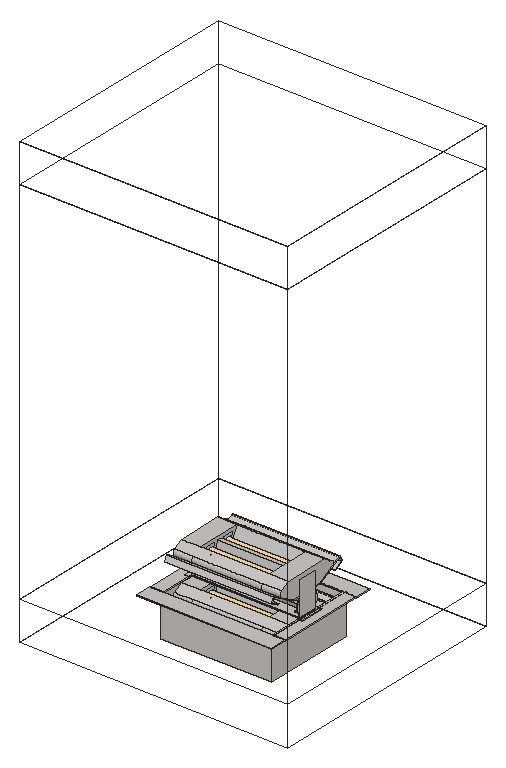
Revit family "Heater-QMARK-FRP_FRS_Series_Infrared", category Mechanical Equipment, host Face, Revit 2020
Family settings
  Host = Face
  Round Connector Dimension = Use Diameter
  Classification = None
  Part Type = Normal
  Cut with Voids When Loaded = No
  Shared = No
  Room Calculation Point = No
Parameters (values of type "FRP2 - 2 Bulbs - 017 kW - 208 V")
  Wire Guards = "Included or Not Included"  # constant formula
  Width = 1' - 7 7/8"
  Watts = 1700 W
  Voltage = 480 V
  Version = "2020 - v1.0b"  # constant formula
  Unit Finish = "Bronze, Brushed Stainless Steel or Custom"  # constant formula
  URL = "https://www.marleymep.com/"
  Total Heating Capacity = 5800.0 Btu/h
  To Floor Clearance = 7' - 0"  # constant formula
  Side Walls Clearance = 2' - 0"  # constant formula
  Reflection Angle = "30° Symmetrical, 60° Symmetrical, 60° Asymmetrical and 90° Symmetrical"  # constant formula
  Recessed Trim Mounting 3 Elements [instance] = no
  Recessed Trim Mounting 2 Elements [instance] = yes
  Recessed Trim Kit Finish = "Bronze, Brushed Stainless Steel, White or Custom"  # constant formula
  Recessed Trim Kit = "Included or Not Included"  # constant formula
  Product Page URL = "https://www.marleymep.com/products/qmark/frpfrs-series-infrared-heater"
  Product Name = "FRP/FRS Series - Infrared Heater"  # constant formula
  Product Generation = "C"  # constant formula
  Product Documentation Link = "https://www.marleymep.com/system/files/node/file/field-file/Submittal_FRP-FRS-RadiantHeat-Q_2024-06_v2-PrintReady.pdf"
  Power Factor = 1  # constant formula
  Phase = 1  # constant formula
  Number of Poles = 1  # constant formula
  Mounting Bracket = "Wall Bracket, Tilt Bracket or Not Included"  # constant formula
  Model = "FRP2"
  Material [instance] = Metal - Stainless Steel - Bronze
  Manufacturer = "Marley® Engineered Products"  # constant formula
  Length = 2' - 0 3/8"
  Layout = "Custom"  # constant formula
  Instruction Sheet Link = "https://www.marleymep.com/system/files/node/file/field-file/Installation%20Manual%205200-11257-001_0.pdf"
  Height = 0' - 8 17/32"
  Elements Type = "2 Elements"
  Description = "Infrared Heater"  # constant formula
  Default Elevation = 0' - 0 3/16"
  Copyright = "© 2015-2024, Marley Engineered Products"  # constant formula
  Clearance [instance] = yes
  Ceiling Clearance = 0' - 6"  # constant formula
  C_ 3 Element Recessed Trim Kit [instance] = Recessed Trim Mounting 3 Elements  # no
  C_ 2 Element Recessed Trim Kit [instance] = Recessed Trim Mounting 2 Elements  # yes
  Bulb Sleeves = "Included or Not Included"  # constant formula
  Bulb Quantity = 2
  Bulb Material = "Metal Sheath , Quartz Tube and Quartz Lamp"  # constant formula
  Brand = "QMark"  # constant formula
  Between Heaters Clearance = 3' - 0"  # constant formula
  Adjustable Tilt Mounting Bracket 3 Elements [instance] = no
  Adjustable Tilt Mounting Bracket 2 Elements [instance] = yes
  C_ 3 Element Type [instance] = Adjustable Tilt Mounting Bracket 3 Elements  # no
  C_ 2 Element Type [instance] = Adjustable Tilt Mounting Bracket 2 Elements  # yes
Reference planes (in)
  plane 1 "Center (Front/Back)": y = 0
  plane 2: z = 0
  plane 3 "Center (Left/Right)": x = 0
  plane 4: z = 0.1875
  plane 5: x = -12.1875
  plane 6: x = 12.1875
  plane 7: z = 0.1875
  plane 8: z = -8.53125
  plane 9: z = -9.15625
Forms (in)
  Extrusion 1, solid, material "Metal - Stainless Steel - Bronze", visible <- "C_ 2 Element Recessed Trim Kit"
    sketch origin (0, 0, -9.09073) x (1, 0, 0) y (0, 1, 0)
      loop
        line (-15.25, 13.78125) -> (-15.25, 10.0625) -> (15.25, 10.0625) -> (15.25, 13.78125) -> (-15.25, 13.78125)
      loop
        line (-15.25, -13.78125) -> (15.25, -13.78125) -> (15.25, -10.0625) -> (-15.25, -10.0625) -> (-15.25, -13.78125)
      loop
        line (-12.28125, 9.9375) -> (-15.25, 9.9375) -> (-15.25, -9.9375) -> (-12.28125, -9.9375) -> (-12.28125, 9.9375)
      loop
        line (12.28125, 9.9375) -> (12.28125, -9.9375) -> (15.25, -9.9375) -> (15.25, 9.9375) -> (12.28125, 9.9375)
    from 9.09073 to 9.27823
  Extrusion 2, solid, material "Metal - Stainless Steel - Bronze", visible <- "C_ 3 Element Recessed Trim Kit"
    sketch origin (0, 0, -9.21875) x (1, 0, 0) y (0, 1, 0)
      loop
        line (-12.3125, -12.3125) -> (-15.25, -12.3125) -> (-15.25, -17.375) -> (15.25, -17.375) -> (15.25, -12.3125) -> (12.3125, -12.3125) -> (-12.3125, -12.3125)
      loop
        line (-12.3125, 12.1875) -> (-15.25, 12.1875) -> (-15.25, -12.1875) -> (-12.3125, -12.1875) -> (-12.3125, 12.1875)
      loop
        line (12.3125, 12.3125) -> (15.25, 12.3125) -> (15.25, 17.375) -> (-15.25, 17.375) -> (-15.25, 12.3125) -> (-12.3125, 12.3125) -> (12.3125, 12.3125)
      loop
        line (12.3125, 12.1875) -> (12.3125, -12.1875) -> (15.25, -12.1875) -> (15.25, 12.1875) -> (12.3125, 12.1875)
    from 9.21875 to 9.34375
  Extrusion 3, solid, material "Metal - Stainless Steel - Bronze", visible <- "Adjustable Tilt Mounting Bracket 2 Elements"
    sketch origin (0, 0, 0) x (1, 0, 0) y (0, 1, 0)
      loop
        line (12.1875, -2.68191) -> (13.1875, -2.68191) -> (13.1875, 2.68191) -> (12.1875, 2.68191) -> (12.1875, -2.68191)
    from 0 to 0.1875
  Extrusion 4, solid, material "Metal - Stainless Steel - Bronze", visible <- "Adjustable Tilt Mounting Bracket 2 Elements"
    sketch origin (0, 0, 0) x (-1, 0, 0) y (0, -1, 0)
      loop
        line (12.1875, 2.68191) -> (12.1875, -2.68191) -> (13.1875, -2.68191) -> (13.1875, 2.68191) -> (12.1875, 2.68191)
    from 0 to 0.1875
  Extrusion 5, solid, material "Metal - Stainless Steel - Bronze", visible <- "Adjustable Tilt Mounting Bracket 2 Elements"
    sketch origin (0, 0, 0) x (1, 0, 0) y (0, 1, 0)
      loop
        line (-12.1875, 2.12959) -> (-12.1875, -2.12959) -> (12.1875, -2.12959) -> (12.1875, 2.12959) -> (-12.1875, 2.12959)
    from 0 to 0.1875
  Extrusion 6, solid, material "Metal - Stainless Steel - Bronze", visible <- "C_ 2 Element Recessed Trim Kit"
    sketch origin (0, 0, -18.30645) x (1, 0, 0) y (0, 1, 0)
      loop
        line (-12.28125, -10.0625) -> (12.28125, -10.0625) -> (12.28125, 10.0625) -> (-12.28125, 10.0625) -> (-12.28125, -10.0625)
      loop
        line (12.53125, 10.3125) -> (-12.53125, 10.3125) -> (-12.53125, -10.3125) -> (12.53125, -10.3125) -> (12.53125, 10.3125)
    from 9.21573 to 18.30645
  Extrusion 7, solid, material "Metal - Stainless Steel - Bronze", visible <- "C_ 3 Element Recessed Trim Kit"
    sketch origin (0, 0, -9.21875) x (1, 0, 0) y (0, 1, 0)
      loop
        line (-12.3125, 12.3125) -> (-12.3125, -12.3125) -> (12.3125, -12.3125) -> (12.3125, 12.3125) -> (-12.3125, 12.3125)
      loop
        line (-12.5625, 12.5625) -> (-12.5625, -12.5625) -> (12.5625, -12.5625) -> (12.5625, 12.5625) -> (-12.5625, 12.5625)
    from 0 to 9.21875
Dimensions and locks (in)
  "Length": plane 5 to plane 6
  equal spacing: plane 5, plane 3 "Center (Left/Right)", plane 6
  "Width": Extrusion 1 sketch curve to Extrusion 1 sketch curve  (x2)
  equal spacing: Extrusion 1 sketch curve, plane 1 "Center (Front/Back)", Extrusion 1 sketch curve  (x2)
  locked: plane 6 to Extrusion 3 at 1
  locked: Extrusion 4 to plane 5 at 1
  aligned and locked: plane 2 to host face
  aligned and locked: level to host face
  aligned and locked: Extrusion 3 to plane 6
  aligned and locked: Extrusion 4 to plane 5
  aligned and locked: plane 6 to Extrusion 5
  aligned and locked: plane 5 to Extrusion 5
  aligned and locked: Extrusion 5 to plane 4
  aligned and locked: Extrusion 6 to Extrusion 1
  aligned and locked: Extrusion 7 to Extrusion 2
  aligned and locked: Extrusion 1 to plane 4
Automatic sketch dimensions
  host sketch curve to host sketch curve = 8' - 0"  (x2)
  plane 5 to Extrusion 2 sketch curve = 0' - 3 1/16"  (x3)
  plane 5 to Extrusion 2 sketch curve = 0' - 0 1/8"  (x3)
  plane 6 to Extrusion 2 sketch curve = 0' - 0 1/8"  (x2)
  Extrusion 2 sketch curve to Extrusion 2 sketch curve = 0' - 0"  (x2)
  Extrusion 2 sketch curve to Extrusion 2 sketch curve = 0' - 2 15/16"
  plane 6 to Extrusion 2 sketch curve = 0' - 3 1/16"
  Extrusion 2 sketch curve to Extrusion 2 sketch curve = 0' - 0 1/8"  (x3)
  Extrusion 2 sketch curve to Extrusion 2 sketch curve = 0' - 5 1/16"  (x2)
  Extrusion 3 sketch curve to plane 6 = 0' - 0"
  plane 6 to Extrusion 3 sketch curve = 0' - 1"
  plane 1 "Center (Front/Back)" to Extrusion 3 sketch curve = 0' - 2.68191"
  Extrusion 4 sketch curve to plane 5 = 0' - 0"
  Extrusion 4 sketch curve to plane 5 = 0' - 1"
  Extrusion 4 sketch curve to plane 1 "Center (Front/Back)" = 0' - 2.68191"
  Extrusion 5 sketch curve to plane 5 = 0' - 0"
  plane 6 to Extrusion 5 sketch curve = 0' - 0"
  plane 1 "Center (Front/Back)" to Extrusion 5 sketch curve = 0' - 2.12959"
  plane 5 to Extrusion 6 sketch curve = 0' - 0 3/32"
  plane 6 to Extrusion 6 sketch curve = 0' - 0 3/32"
  Extrusion 6 sketch curve to Extrusion 6 sketch curve = 0' - 0 1/4"  (x4)
  plane 5 to Extrusion 7 sketch curve = 0' - 0 1/8"
  plane 6 to Extrusion 7 sketch curve = 0' - 0 1/8"
  Extrusion 7 sketch curve to Extrusion 7 sketch curve = 0' - 0 1/4"  (x4)
  plane 1 "Center (Front/Back)" to Extrusion 2 sketch curve = 1' - 0 3/16"
  plane 1 "Center (Front/Back)" to Extrusion 6 sketch curve = 0' - 10 1/16"
  plane 1 "Center (Front/Back)" to Extrusion 7 sketch curve = 1' - 0 5/16"
  Extrusion 2 sketch curve to plane 1 "Center (Front/Back)" = 1' - 0 3/16"  (x2)
  Extrusion 3 sketch curve to plane 1 "Center (Front/Back)" = 0' - 2.68191"
  plane 1 "Center (Front/Back)" to Extrusion 4 sketch curve = 0' - 2.68191"
  Extrusion 5 sketch curve to plane 1 "Center (Front/Back)" = 0' - 2.12959"
  Extrusion 6 sketch curve to plane 1 "Center (Front/Back)" = 0' - 10 1/16"
  Extrusion 7 sketch curve to plane 1 "Center (Front/Back)" = 1' - 0 5/16"
  plane 5 to Extrusion 1 sketch curve = 0' - 3 1/16"  (x2)
  Extrusion 1 sketch curve to Extrusion 1 sketch curve = 0' - 0"  (x2)
  plane 5 to Extrusion 1 sketch curve = 0' - 0 3/32"
  plane 6 to Extrusion 1 sketch curve = 0' - 0 3/32"
  plane 6 to Extrusion 1 sketch curve = 0' - 3 1/16"  (x2)
  Extrusion 1 sketch curve to Extrusion 1 sketch curve = 0' - 0 1/8"  (x2)
  Extrusion 1 sketch curve to Extrusion 1 sketch curve = 0' - 3 23/32"  (x2)
Nested families (in)
  nested 1: "Infrared_Heater-QMark-2_Element-Nested" at (0, 0, 0.1875), visible <- "C_ 2 Element Type", Clearance <- "Clearance", type "24""
    with Clearance yes, Length 2' - 0 3/8"
  nested 2: "Infrared_Heater-QMark-3_Element-Nested" at (0, 0, 0.1875), visible <- "C_ 3 Element Type", Clearance <- "Clearance", type "24""
    with Clearance yes, Length 2' - 0 3/8"
  nested 3: "Infrared_Heater-QMark-3_Element-Nested" at (0, 0, -9.15625), visible <- "C_ 3 Element Recessed Trim Kit", Clearance <- "Clearance", type "24""
    with Clearance yes, Length 2' - 0 3/8"
  nested 4: "Infrared_Heater-QMark-2_Element-Nested" at (0, 0, -8.53125), visible <- "C_ 2 Element Recessed Trim Kit", Clearance <- "Clearance", type "24""
    with Clearance yes, Length 2' - 0 3/8"
Definition of nested family "Infrared_Heater-QMark-2_Element-Nested"
  Parameters (values of type "24"")
    Material - Infrared Heater = none
    Material - Casing = none
    Material = none
    Length = 2' - 9 3/8"
    Height = 0' - 8 17/32"  # constant formula
    Depth = 1' - 7 7/8"  # constant formula
    Default Elevation = 4' - 0"
    Clearance [instance] = yes
  Reference planes (in)
    plane 1 "Center (Front/Back)": y = 0
    plane 2: z = 0
    plane 3 "Center (Left/Right)": x = 0
    plane 4: x = -16.6875
    plane 5: x = 16.6875
    plane 6: y = 9.9375
    plane 7: y = -9.9375
    plane 8: z = 8.53125
    plane 9: z = 92.53125
  Forms (in)
    Extrusion 1, solid
      sketch origin (0, 0, 0) x (1, 0, 0) y (0, 1, 0)
        loop
          line (-48, 48) -> (-48, -48) -> (48, -48) -> (48, 48) -> (-48, 48)
      from 0 to -12
    Extrusion 2, solid, material <- "Material - Casing"
      sketch origin (0, -314.04011, -34.80903) x (0, 1, 0) y (0, 0, 1)
        loop
          line (316.16969, 42.49653) -> (311.91052, 42.49653) -> (311.91052, 34.80903) -> (316.16969, 34.80903) -> (316.16969, 42.49653)
      from 16.5625 to 16.6875
    Extrusion 3, solid, material <- "Material - Casing"
      sketch origin (0, -314.04011, -34.80903) x (0, 1, 0) y (0, 0, -1)
        loop
          line (316.16969, -42.49653) -> (316.16969, -34.80903) -> (311.91052, -34.80903) -> (311.91052, -42.49653) -> (316.16969, -42.49653)
      from 16.5625 to 16.6875
    Extrusion 4, solid, material <- "Material - Casing", detail levels fine
      sketch origin (0, -314.04011, 42.53025) x (0, 1, 0) y (0, 0, 1)
        loop
          line (311.79898, -41.6486) -> (316.28123, -41.6486) -> (316.72202, -41.20781) -> (316.72202, -39.79341) -> (316.2914, -39.3628) -> (311.78881, -39.3628) -> (311.3582, -39.79341) -> (311.3582, -41.20781) -> (311.79898, -41.6486)
      from 16.4375 to 16.5625
    Extrusion 5, solid, material <- "Material - Casing", detail levels fine
      sketch origin (-5.8125, -314.04011, 42.53025) x (0, 1, 0) y (0, 0, -1)
        loop
          line (311.79898, 41.6486) -> (311.3582, 41.20781) -> (311.3582, 39.79341) -> (311.78881, 39.3628) -> (316.2914, 39.3628) -> (316.72202, 39.79341) -> (316.72202, 41.20781) -> (316.28123, 41.6486) -> (311.79898, 41.6486)
      from 10.625 to 10.75
    Extrusion 6, solid, material <- "Material - Casing", detail levels fine
      sketch origin (0, 0, -2.1608) x (1, 0, 0) y (0, 1, 0)
        loop
          line (16.4375, 2.2513) -> (15.6875, 2.2513) -> (15.6875, -2.2513) -> (16.4375, -2.2513) -> (16.4375, 2.2513)
      from 3.04245 to 3.16745
    Extrusion 7, solid, material <- "Material - Casing", detail levels fine
      sketch origin (0, 0, -2.1608) x (-1, 0, 0) y (0, -1, 0)
        loop
          line (16.4375, -2.2513) -> (16.4375, 2.2513) -> (15.6875, 2.2513) -> (15.6875, -2.2513) -> (16.4375, -2.2513)
      from 3.04245 to 3.16745
    Extrusion 8, solid, material <- "Material - Casing"
      sketch origin (0, -314.04011, 42.53025) x (0, 1, 0) y (0, 0, 1)
        loop
          line (312.28881, -39.3628) -> (312.28881, -40.1128) -> (312.94839, -41.4611) -> (315.13183, -41.4611) -> (315.7914, -40.1128) -> (315.7914, -39.3628) -> (312.28881, -39.3628)
      from -16.4375 to 16.4375
    Extrusion 9, solid, material <- "Material - Casing", detail levels fine
      sketch origin (0, -314.04011, 42.53025) x (0, 1, 0) y (0, 0, 1)
        loop
          line (310.25016, -38.43037) -> (317.83006, -38.43037) -> (323.24272, -35.30537) -> (323.79885, -36.26861) -> (322.0668, -37.26861) -> (322.1293, -37.37687) -> (323.9696, -36.31437) -> (323.28847, -35.13462) -> (317.79657, -38.30537) -> (310.28365, -38.30537) -> (304.79174, -35.13462) -> (304.11062, -36.31437) -> (305.95092, -37.37687) -> (306.01342, -37.26861) -> (304.28137, -36.26861) -> (304.8375, -35.30537) -> (310.25016, -38.43037)
      from -16.5625 to 16.5625
    Extrusion 10, solid, material <- "Material", detail levels fine
      sketch origin (0, 0, 0) x (1, 0, 0) y (0, 1, 0)
        loop
          circle (-14.0625, 0) r 0.75
      from 3.16745 to 4.09988
    Extrusion 11, solid, material <- "Material", detail levels fine
      sketch origin (0, 0, 0) x (-1, 0, 0) y (0, -1, 0)
        loop
          circle (-14.0625, 0) r 0.75
      from 3.16745 to 4.09988
    Extrusion 12, solid, material <- "Material - Casing", detail levels fine
      sketch origin (0, 314.04011, 42.53025) x (0, -1, 0) y (0, 0, -1)
        loop
          line (317.79657, 38.30537) -> (310.28365, 38.30537) -> (306.81955, 36.30537)
          arc (306.81955, 36.30537) -> (306.62587, 35.63658) -> (307.03661, 35.07437) r 0.7899
          line (307.03661, 35.07437) -> (308.9253, 33.93953) -> (310.33601, 36.52982)
          arc (310.33601, 36.52982) -> (311.74101, 37.45082) -> (313.14601, 36.52982) r 1.53219
          line (313.14601, 36.52982) -> (313.52763, 34.56657) -> (314.55258, 34.56657) -> (314.9342, 36.52982)
          arc (314.9342, 36.52982) -> (316.33921, 37.45082) -> (317.74421, 36.52982) r 1.53219
          line (317.74421, 36.52982) -> (319.15492, 33.93953) -> (321.04361, 35.07437)
          arc (321.04361, 35.07437) -> (321.45435, 35.63658) -> (321.26067, 36.30537) r 0.7899
          line (321.26067, 36.30537) -> (317.79657, 38.30537)
      from -12.34375 to 12.34375
    Extrusion 13, solid, material <- "Material - Casing", detail levels fine
      sketch origin (0, 314.04011, 42.53025) x (0, -1, 0) y (0, 0, -1)
        loop
          line (317.79657, 38.30537) -> (310.28365, 38.30537) -> (306.81955, 36.30537)
          arc (306.81955, 36.30537) -> (306.62587, 35.63658) -> (307.03661, 35.07437) r 0.7899
          line (307.03661, 35.07437) -> (308.9253, 33.93953) -> (319.15492, 33.93953) -> (321.04361, 35.07437)
          arc (321.04361, 35.07437) -> (321.45435, 35.63658) -> (321.26067, 36.30537) r 0.7899
          line (321.26067, 36.30537) -> (317.79657, 38.30537)
      from 12.34375 to 16.5625
    Extrusion 14, solid, material <- "Material - Casing", detail levels fine
      sketch origin (0, 314.04011, 42.53025) x (0, -1, 0) y (0, 0, 1)
        loop
          line (317.79657, -38.30537) -> (321.26067, -36.30537)
          arc (321.26067, -36.30537) -> (321.45435, -35.63658) -> (321.04361, -35.07437) r 0.7899
          line (321.04361, -35.07437) -> (319.15492, -33.93953) -> (308.9253, -33.93953) -> (307.03661, -35.07437)
          arc (307.03661, -35.07437) -> (306.62587, -35.63658) -> (306.81955, -36.30537) r 0.7899
          line (306.81955, -36.30537) -> (310.28365, -38.30537) -> (317.79657, -38.30537)
      from 12.34375 to 16.5625
    Extrusion 15, solid, material <- "Material - Casing", detail levels fine
      sketch origin (0, -484.85438, 11.63132) x (0, 1, 0) y (0, 0, 1)
        loop
          line (481.23273, -3.84586) -> (481.23273, -4.34586) -> (481.98273, -4.34586) -> (481.98273, -5.01339) -> (482.73273, -5.01339) -> (482.73273, -4.34586) -> (483.48273, -4.34586) -> (483.48273, -3.84586) -> (481.23273, -3.84586)
        loop
          line (488.33635, -3.84586) -> (486.08635, -3.84586) -> (486.08635, -4.34586) -> (486.83635, -4.34586) -> (486.83635, -5.01339) -> (487.58635, -5.01339) -> (487.58635, -4.34586) -> (488.33635, -4.34586) -> (488.33635, -3.84586)
      from 12.21875 to 12.34375
    Extrusion 16, solid, material <- "Material", detail levels fine
      sketch origin (0, -484.85438, 11.63132) x (0, 1, 0) y (0, 0, -1)
        loop
          line (481.23273, 3.84586) -> (483.48273, 3.84586) -> (483.48273, 4.34586) -> (482.73273, 4.34586) -> (482.73273, 5.01339) -> (481.98273, 5.01339) -> (481.98273, 4.34586) -> (481.23273, 4.34586) -> (481.23273, 3.84586)
        loop
          line (488.33635, 3.84586) -> (488.33635, 4.34586) -> (487.58635, 4.34586) -> (487.58635, 5.01339) -> (486.83635, 5.01339) -> (486.83635, 4.34586) -> (486.08635, 4.34586) -> (486.08635, 3.84586) -> (488.33635, 3.84586)
      from 12.21875 to 12.34375
    Extrusion 17, solid, material <- "Material - Infrared Heater"
      sketch origin (0, -484.85438, 11.63132) x (0, 1, 0) y (0, 0, 1)
        loop
          circle (482.35773, -5.01339) r 0.75
        loop
          circle (487.21135, -5.01339) r 0.75
      from -12.21875 to 12.21875
    Extrusion 18, solid, visible <- "Clearance"
      sketch origin (0, 0, 0) x (1, 0, 0) y (0, 1, 0)
        loop
          line (-34.6875, 27.9375) -> (-34.6875, -27.9375) -> (34.6875, -27.9375) -> (34.6875, 27.9375) -> (-34.6875, 27.9375)
      from 0 to 92.53125
    Extrusion 19, solid, material <- "Material - Casing", detail levels coarse+medium
      sketch origin (0, 0, 0) x (0, 1, 0) y (0, 0, 1)
        loop
          line (-5.11481, 8.59073) -> (-7.49638, 7.21573) -> (-7.49638, 6.38412) -> (-3.75646, 4.22488) -> (3.75646, 4.22488) -> (7.49638, 6.38412) -> (7.49638, 7.21573) -> (5.11481, 8.59073) -> (-5.11481, 8.59073)
      from -16.5625 to 16.5625
    Extrusion 20, void
      sketch origin (0, 0, 0) x (1, 0, 0) y (0, 1, 0)
        loop
          line (-12.34375, 5.11481) -> (-12.34375, 0.51248) -> (12.34375, 0.51248) -> (12.34375, 5.11481) -> (-12.34375, 5.11481)
      from 5.82635 to 8.59073
    Extrusion 21, void
      sketch origin (0, 0, 0) x (1, 0, 0) y (0, 1, 0)
        loop
          line (-12.34375, -5.11481) -> (12.34375, -5.11481) -> (12.34375, -0.51248) -> (-12.34375, -0.51248) -> (-12.34375, -5.11481)
      from 5.82635 to 8.59073
    Extrusion 22, solid, material <- "Material - Casing", detail levels coarse+medium
      sketch origin (0, 0, 0) x (0, 1, 0) y (0, 0, 1)
        loop
          line (-9.24836, 7.39563) -> (-9.31086, 7.28738) -> (-3.78995, 4.09988) -> (3.78995, 4.09988) -> (9.31086, 7.28738) -> (9.24836, 7.39563) -> (3.75646, 4.22488) -> (-3.75646, 4.22488) -> (-9.24836, 7.39563)
      from -16.5625 to 16.5625
  Cuts and joins
    joined: Extrusion 4, Extrusion 6
    joined: Extrusion 12, Extrusion 13, Extrusion 14
    Extrusion 20, Extrusion 21 cuts Extrusion 19
  Dimensions and locks (in)
    "Length": plane 4 to plane 5
    "Depth": plane 6 to plane 7
    "Height": plane 8 to Extrusion 1
    locked: Extrusion 2 to plane 5 at 0.125
    locked: plane 4 to Extrusion 3 at 0.125
    equal spacing: plane 4, plane 3 "Center (Left/Right)", plane 5
    locked: Extrusion 4 to Extrusion 4 at 0.125
    locked: Extrusion 6 to Extrusion 6 at 0.75
    locked: Extrusion 3 to Extrusion 5 at 0.125
    locked: Extrusion 5 to Extrusion 7 at 0.75
    locked: plane 4 to Extrusion 10 sketch curve at 2.625
    locked: Extrusion 11 sketch curve to plane 5 at 2.625
    locked: Extrusion 13 to plane 5 at 4.34375
    locked: plane 4 to Extrusion 14 at 4.34375
    locked: Extrusion 15 to cut or joined group of Extrusion 12, Extrusion 13, Extrusion 14 at 0.125
    locked: cut or joined group of Extrusion 12, Extrusion 13, Extrusion 14 to Extrusion 16 at 0.125
    locked: Extrusion 18 sketch curve to plane 4 at 18
    locked: plane 5 to Extrusion 18 sketch curve at 18
    locked: plane 4 to Extrusion 20 at 4.34375
    locked: Extrusion 20 to plane 5 at 4.34375
    locked: plane 4 to Extrusion 21 at 4.34375
    locked: Extrusion 21 to plane 5 at 4.34375
    aligned and locked: plane 2 to Extrusion 1
    aligned and locked: level to Extrusion 1
    aligned and locked: plane 5 to Extrusion 2
    aligned and locked: Extrusion 3 to plane 4
    aligned and locked: Extrusion 4 to Extrusion 2
    aligned and locked: Extrusion 5 to Extrusion 3
    aligned and locked: Extrusion 8 to cut or joined group of Extrusion 4, Extrusion 6
    aligned and locked: Extrusion 8 to Extrusion 5
    aligned and locked: Extrusion 9 to Extrusion 3
    aligned and locked: Extrusion 9 to Extrusion 2
    aligned and locked: Extrusion 5 to Extrusion 10
    aligned and locked: Extrusion 10 to Extrusion 9
    aligned and locked: Extrusion 13 to Extrusion 2
    aligned and locked: Extrusion 14 to Extrusion 3
    aligned and locked: Extrusion 12 to Extrusion 14
    aligned and locked: Extrusion 12 to Extrusion 13
    aligned and locked: Extrusion 15 to cut or joined group of Extrusion 12, Extrusion 13, Extrusion 14
    aligned and locked: Extrusion 16 to cut or joined group of Extrusion 12, Extrusion 13, Extrusion 14
    aligned and locked: Extrusion 17 to Extrusion 15
    aligned and locked: Extrusion 17 to Extrusion 16
    aligned and locked: Extrusion 18 to level
    aligned and locked: Extrusion 19 to Extrusion 2
    aligned and locked: Extrusion 19 to Extrusion 3
    aligned and locked: Extrusion 22 to Extrusion 2
    aligned and locked: Extrusion 22 to Extrusion 3
    aligned and locked: plane 9 to Extrusion 18
  Automatic sketch dimensions
    Extrusion 1 sketch curve to Extrusion 1 sketch curve = 8' - 0"  (x2)
    Extrusion 2 sketch curve to level = 0' - 0"
    Extrusion 2 sketch curve to plane 8 = 0' - 0 27/32"
    plane 1 "Center (Front/Back)" to Extrusion 2 sketch curve = 0' - 2.12959"
    Extrusion 2 sketch curve to plane 1 "Center (Front/Back)" = 0' - 2.12959"
    Extrusion 3 sketch curve to level = 0' - 0"
    Extrusion 3 sketch curve to plane 8 = 0' - 0 27/32"
    plane 1 "Center (Front/Back)" to Extrusion 3 sketch curve = 0' - 2.12959"
    Extrusion 3 sketch curve to plane 1 "Center (Front/Back)" = 0' - 2.12959"
    Extrusion 4 sketch curve to level = 0' - 1.32244"
    Extrusion 4 sketch curve to plane 1 "Center (Front/Back)" = 0' - 2.68191"
    Extrusion 4 sketch curve to Extrusion 4 sketch curve = 0' - 0.43061"  (x3)
    Extrusion 4 sketch curve to level = 0' - 0.88165"
    Extrusion 4 sketch curve to Extrusion 4 sketch curve = 0' - 0.44078"  (x2)
    plane 1 "Center (Front/Back)" to Extrusion 4 sketch curve = 0' - 2.24112"
    plane 1 "Center (Front/Back)" to Extrusion 4 sketch curve = 0' - 2.2513"
    Extrusion 4 sketch curve to Extrusion 4 sketch curve = 0' - 1.85519"
    Extrusion 4 sketch curve to Extrusion 4 sketch curve = 0' - 1.4144"
    level to Extrusion 5 sketch curve = 0' - 1.32244"
    plane 1 "Center (Front/Back)" to Extrusion 5 sketch curve = 0' - 2.68191"
    Extrusion 5 sketch curve to Extrusion 5 sketch curve = 0' - 0.43061"  (x3)
    level to Extrusion 5 sketch curve = 0' - 0.88165"
    Extrusion 5 sketch curve to Extrusion 5 sketch curve = 0' - 0.44078"  (x2)
    Extrusion 5 sketch curve to plane 1 "Center (Front/Back)" = 0' - 2.24112"
    Extrusion 5 sketch curve to plane 1 "Center (Front/Back)" = 0' - 2.2513"
    Extrusion 5 sketch curve to Extrusion 5 sketch curve = 0' - 1.85519"
    Extrusion 5 sketch curve to Extrusion 5 sketch curve = 0' - 1.4144"
    Extrusion 6 sketch curve to plane 5 = 0' - 1"
    Extrusion 6 sketch curve to plane 5 = 0' - 0 1/4"
    plane 1 "Center (Front/Back)" to Extrusion 6 sketch curve = 0' - 2.2513"
    Extrusion 6 sketch curve to plane 1 "Center (Front/Back)" = 0' - 2.2513"
    Extrusion 7 sketch curve to plane 4 = 0' - 1"
    Extrusion 7 sketch curve to plane 4 = 0' - 0 1/4"
    Extrusion 7 sketch curve to plane 1 "Center (Front/Back)" = 0' - 2.2513"
    plane 1 "Center (Front/Back)" to Extrusion 7 sketch curve = 0' - 2.2513"
    Extrusion 8 sketch curve to plane 1 "Center (Front/Back)" = 0' - 1.7513"
    Extrusion 8 sketch curve to plane 1 "Center (Front/Back)" = 0' - 1.09172"
    plane 1 "Center (Front/Back)" to Extrusion 8 sketch curve = 0' - 1.09172"
    Extrusion 8 sketch curve to Extrusion 8 sketch curve = 0' - 0.65957"
    Extrusion 8 sketch curve to level = 0' - 3.16745"
    Extrusion 8 sketch curve to Extrusion 8 sketch curve = 0' - 0 3/4"  (x2)
    Extrusion 8 sketch curve to level = 0' - 1.06915"
    plane 7 to Extrusion 9 sketch curve = 0' - 0.00801"
    Extrusion 9 sketch curve to Extrusion 9 sketch curve = 0' - 0.17075"  (x2)
    plane 7 to Extrusion 9 sketch curve = 0' - 0.68914"
    Extrusion 9 sketch curve to Extrusion 9 sketch curve = 0' - 0.04575"  (x2)
    plane 7 to Extrusion 9 sketch curve = 0' - 1.84831"
    Extrusion 9 sketch curve to Extrusion 9 sketch curve = 0' - 0 1/16"  (x2)
    Extrusion 9 sketch curve to plane 1 "Center (Front/Back)" = 0' - 3.78995"
    Extrusion 9 sketch curve to Extrusion 9 sketch curve = 0' - 0.03349"  (x2)
    plane 1 "Center (Front/Back)" to Extrusion 9 sketch curve = 0' - 3.75646"
    plane 6 to Extrusion 9 sketch curve = 0' - 1.91081"
    plane 6 to Extrusion 9 sketch curve = 0' - 0.73489"
    plane 6 to Extrusion 9 sketch curve = 0' - 0.17876"
    plane 6 to Extrusion 9 sketch curve = 0' - 0.00801"
    plane 8 to Extrusion 9 sketch curve = 0' - 1.13562"
    plane 1 "Center (Front/Back)" to Extrusion 10 sketch curve = 0' - 0"
    plane 1 "Center (Front/Back)" to Extrusion 11 sketch curve = 0' - 0"
    Extrusion 12 sketch curve to plane 6 = 0' - 2.71694"
    Extrusion 12 sketch curve to plane 8 = 0' - 1.07536"  (x2)
    Extrusion 12 sketch curve to Extrusion 12 sketch curve = 0' - 0.21706"
    Extrusion 12 sketch curve to Extrusion 12 sketch curve = 0' - 0.58423"  (x2)
    plane 8 to Extrusion 12 sketch curve = 0' - 0.05948"  (x2)
    Extrusion 12 sketch curve to Extrusion 12 sketch curve = 0' - 1.88869"
    Extrusion 12 sketch curve to plane 1 "Center (Front/Back)" = 0' - 3.75646"
    Extrusion 12 sketch curve to Extrusion 12 sketch curve = 0' - 0.05236"  (x2)
    Extrusion 12 sketch curve to Extrusion 12 sketch curve = 0' - 1.405"  (x3)
    Extrusion 12 sketch curve to plane 1 "Center (Front/Back)" = 0' - 0.89409"
    Extrusion 12 sketch curve to plane 1 "Center (Front/Back)" = 0' - 0.51248"
    plane 1 "Center (Front/Back)" to Extrusion 12 sketch curve = 0' - 0.51248"
    plane 1 "Center (Front/Back)" to Extrusion 12 sketch curve = 0' - 0.89409"
    Extrusion 12 sketch curve to plane 8 = 0' - 2.53082"
    Extrusion 12 sketch curve to Extrusion 12 sketch curve = 0' - 1.41071"
    Extrusion 12 sketch curve to Extrusion 12 sketch curve = 0' - 1.52152"
    Extrusion 12 sketch curve to Extrusion 12 sketch curve = 0' - 0.36717"
    Extrusion 12 sketch curve to plane 8 = 0' - 0.56757"
    Extrusion 12 sketch curve to Extrusion 12 sketch curve = 0' - 0.69938"  (x2)
    Extrusion 12 sketch curve to plane 8 = 0' - 1.91963"
    Extrusion 12 sketch curve to Extrusion 12 sketch curve = 0' - 0.61119"  (x2)
    Extrusion 12 sketch curve to Extrusion 12 sketch curve = 0' - 1.77555"
    Extrusion 13 sketch curve to plane 6 = 0' - 2.71694"
    Extrusion 13 sketch curve to plane 8 = 0' - 1.07536"  (x2)
    Extrusion 13 sketch curve to Extrusion 13 sketch curve = 0' - 0.21706"
    Extrusion 13 sketch curve to Extrusion 13 sketch curve = 0' - 0.58423"  (x2)
    plane 8 to Extrusion 13 sketch curve = 0' - 0.05948"
    Extrusion 13 sketch curve to Extrusion 13 sketch curve = 0' - 1.88869"
    Extrusion 13 sketch curve to plane 1 "Center (Front/Back)" = 0' - 3.75646"
    plane 1 "Center (Front/Back)" to Extrusion 13 sketch curve = 0' - 3.75646"
    Extrusion 13 sketch curve to Extrusion 13 sketch curve = 0' - 1.35835"
    Extrusion 13 sketch curve to Extrusion 13 sketch curve = 0' - 1.52152"
    Extrusion 13 sketch curve to Extrusion 13 sketch curve = 0' - 0.36717"
    Extrusion 13 sketch curve to Extrusion 13 sketch curve = 0' - 0.69938"  (x2)
    Extrusion 13 sketch curve to Extrusion 13 sketch curve = 0' - 2.53163"
    Extrusion 14 sketch curve to plane 6 = 0' - 2.71694"
    Extrusion 14 sketch curve to plane 8 = 0' - 1.07536"  (x2)
    Extrusion 14 sketch curve to Extrusion 14 sketch curve = 0' - 0.21706"
    Extrusion 14 sketch curve to Extrusion 14 sketch curve = 0' - 0.58423"  (x2)
    plane 8 to Extrusion 14 sketch curve = 0' - 0.05948"
    Extrusion 14 sketch curve to Extrusion 14 sketch curve = 0' - 1.88869"
    Extrusion 14 sketch curve to plane 1 "Center (Front/Back)" = 0' - 3.75646"
    plane 1 "Center (Front/Back)" to Extrusion 14 sketch curve = 0' - 3.75646"
    Extrusion 14 sketch curve to Extrusion 14 sketch curve = 0' - 1.35835"
    Extrusion 14 sketch curve to Extrusion 14 sketch curve = 0' - 1.52152"
    Extrusion 14 sketch curve to Extrusion 14 sketch curve = 0' - 0.36717"
    Extrusion 14 sketch curve to Extrusion 14 sketch curve = 0' - 0.69938"  (x2)
    Extrusion 14 sketch curve to Extrusion 14 sketch curve = 0' - 2.53163"
    Extrusion 15 sketch curve to plane 8 = 0' - 1.24579"
    plane 1 "Center (Front/Back)" to Extrusion 15 sketch curve = 0' - 3.62165"
    Extrusion 15 sketch curve to Extrusion 15 sketch curve = 0' - 0 3/4"  (x6)
    Extrusion 15 sketch curve to plane 1 "Center (Front/Back)" = 0' - 1.23197"
    Extrusion 15 sketch curve to plane 8 = 0' - 1.91332"
    Extrusion 15 sketch curve to Extrusion 15 sketch curve = 0' - 0.66753"  (x4)
    Extrusion 15 sketch curve to Extrusion 15 sketch curve = 0' - 0 1/2"  (x2)
    Extrusion 16 sketch curve to plane 8 = 0' - 1.24579"
    plane 1 "Center (Front/Back)" to Extrusion 16 sketch curve = 0' - 3.62165"
    Extrusion 16 sketch curve to Extrusion 16 sketch curve = 0' - 0 3/4"  (x6)
    Extrusion 16 sketch curve to plane 1 "Center (Front/Back)" = 0' - 1.23197"
    Extrusion 16 sketch curve to plane 8 = 0' - 0.74579"
    Extrusion 16 sketch curve to Extrusion 16 sketch curve = 0' - 0 1/2"  (x2)
    Extrusion 16 sketch curve to Extrusion 16 sketch curve = 0' - 0"  (x2)
    Extrusion 16 sketch curve to Extrusion 16 sketch curve = 0' - 0.66753"  (x2)
    plane 1 "Center (Front/Back)" to Extrusion 17 sketch curve = 0' - 2.49665"
    Extrusion 17 sketch curve to plane 1 "Center (Front/Back)" = 0' - 2.35697"
    Extrusion 17 sketch curve to plane 8 = 0' - 1.91332"  (x2)
    plane 7 to Extrusion 18 sketch curve = 1' - 6"
    plane 6 to Extrusion 18 sketch curve = 1' - 6"
    Extrusion 19 sketch curve to plane 7 = 0' - 2.44112"
    plane 8 to Extrusion 19 sketch curve = 0' - 0.05948"
    Extrusion 19 sketch curve to Extrusion 19 sketch curve = 0' - 2.38157"
    plane 1 "Center (Front/Back)" to Extrusion 19 sketch curve = 0' - 3.75646"
    Extrusion 19 sketch curve to plane 1 "Center (Front/Back)" = 0' - 3.75646"
    Extrusion 19 sketch curve to Extrusion 19 sketch curve = 0' - 1.35835"
    Extrusion 19 sketch curve to plane 6 = 0' - 2.44112"
    Extrusion 19 sketch curve to plane 8 = 0' - 1.31552"  (x2)
    Extrusion 19 sketch curve to Extrusion 19 sketch curve = 0' - 0.8316"  (x2)
    level to Extrusion 19 sketch curve = 0' - 4.22488"
    Extrusion 20 sketch curve to plane 1 "Center (Front/Back)" = 0' - 0.51248"
    plane 4 to Extrusion 20 sketch curve = 0' - 4 11/32"
    Extrusion 20 sketch curve to plane 5 = 0' - 4 11/32"
    Extrusion 20 sketch curve to Extrusion 20 sketch curve = 0' - 4.60234"
    Extrusion 21 sketch curve to plane 1 "Center (Front/Back)" = 0' - 0.51248"
    Extrusion 21 sketch curve to plane 4 = 0' - 4 11/32"
    plane 5 to Extrusion 21 sketch curve = 0' - 4 11/32"
    Extrusion 21 sketch curve to Extrusion 21 sketch curve = 0' - 4.60234"
    Extrusion 22 sketch curve to plane 7 = 0' - 0.62664"
    Extrusion 22 sketch curve to Extrusion 22 sketch curve = 0' - 0 1/16"  (x2)
    Extrusion 22 sketch curve to plane 1 "Center (Front/Back)" = 0' - 3.75646"
    Extrusion 22 sketch curve to plane 6 = 0' - 0.68914"
    level to Extrusion 22 sketch curve = 0' - 4.22488"
    Extrusion 22 sketch curve to plane 8 = 0' - 1.24387"  (x2)
    Extrusion 22 sketch curve to Extrusion 22 sketch curve = 0' - 0.03349"  (x2)
    radius of Extrusion 10 sketch curve = 0' - 0 3/4"
    radius of Extrusion 11 sketch curve = 0' - 0 3/4"
    radius of Extrusion 17 sketch curve = 0' - 0 3/4"  (x2)
Definition of nested family "Infrared_Heater-QMark-3_Element-Nested"
  Parameters (values of type "24"")
    Material - Infrared Heater = none
    Material - Casing = none
    Material = none
    Length = 2' - 9 3/8"
    Height = 0' - 9 5/32"  # constant formula
    Depth = 2' - 2 5/16"  # constant formula
    Default Elevation = 4' - 0"
    Clearance [instance] = yes
  Reference planes (in)
    plane 1 "Center (Front/Back)": y = 0
    plane 2: z = 0
    plane 3 "Center (Left/Right)": x = 0
    plane 4: x = 16.6875
    plane 5: x = -16.6875
    plane 6: y = 13.15625
    plane 7: y = -13.15625
    plane 8: z = 9.15625
    plane 9: y = -2.0665
    plane 10: y = 2.0665
    plane 11: z = 93.15625
  Forms (in)
    Extrusion 1, solid
      sketch origin (0, 0, 0) x (1, 0, 0) y (0, 1, 0)
        loop
          line (-48, 48) -> (-48, -48) -> (48, -48) -> (48, 48) -> (-48, 48)
      from 0 to -12
    Extrusion 2, solid, material <- "Material - Casing"
      sketch origin (0, -367.12164, -178.21445) x (0, 1, 0) y (0, 0, 1)
        loop
          line (369.12164, 185.71445) -> (365.12164, 185.71445) -> (365.12164, 178.21445) -> (369.12164, 178.21445) -> (369.12164, 185.71445)
      from 16.5625 to 16.6875
    Extrusion 3, solid, material <- "Material - Casing"
      sketch origin (0, -367.12164, -178.21445) x (0, 1, 0) y (0, 0, -1)
        loop
          line (369.12164, -185.71445) -> (369.12164, -178.21445) -> (365.12164, -178.21445) -> (365.12164, -185.71445) -> (369.12164, -185.71445)
      from 16.5625 to 16.6875
    Extrusion 4, solid, material <- "Material - Casing", detail levels fine
      sketch origin (0, -367.12164, 185.71445) x (0, 1, 0) y (0, 0, 1)
        loop
          line (365.05515, -185.03415) -> (369.18814, -185.03415) -> (369.61581, -184.60647) -> (369.61581, -183.37806)
          arc (369.61581, -183.37806) -> (369.47108, -183.02863) -> (369.12164, -182.88389) r 0.49417
          line (369.12164, -182.88389) -> (365.12164, -182.88389)
          arc (365.12164, -182.88389) -> (364.77221, -183.02863) -> (364.62747, -183.37806) r 0.49417
          line (364.62747, -183.37806) -> (364.62747, -184.60647) -> (365.05515, -185.03415)
      from 16.4375 to 16.5625
    Extrusion 5, solid, material <- "Material - Casing", detail levels fine
      sketch origin (0, -367.12164, 185.71445) x (0, 1, 0) y (0, 0, -1)
        loop
          line (365.05515, 185.03415) -> (364.62747, 184.60647) -> (364.62747, 183.40212)
          arc (364.62747, 183.40212) -> (364.77221, 183.05269) -> (365.12164, 182.90795) r 0.49417
          line (365.12164, 182.90795) -> (369.12164, 182.90795)
          arc (369.12164, 182.90795) -> (369.47108, 183.05269) -> (369.61581, 183.40212) r 0.49417
          line (369.61581, 183.40212) -> (369.61581, 184.60647) -> (369.18814, 185.03415) -> (365.05515, 185.03415)
      from 16.4375 to 16.5625
    Extrusion 6, solid, material <- "Material - Casing", detail levels fine
      sketch origin (0, 0, 0) x (1, 0, 0) y (0, 0, 1)
        loop
          line (-16.4375, 0.6803) -> (-15.6875, 0.6803) -> (-15.6875, 0.8053) -> (-16.4375, 0.8053) -> (-16.4375, 0.6803)
      from -2.0665 to 2.0665
    Extrusion 7, solid, material <- "Material - Casing", detail levels fine
      sketch origin (0.19948, 0, 0) x (-1, 0, 0) y (0, 0, -1)
        loop
          line (-16.23802, -0.6803) -> (-16.23802, -0.8053) -> (-15.48802, -0.8053) -> (-15.48802, -0.6803) -> (-16.23802, -0.6803)
      from -2.0665 to 2.0665
    Extrusion 8, solid, material <- "Material - Casing"
      sketch origin (0, -367.12164, 185.71445) x (0, 1, 0) y (0, 0, 1)
        loop
          line (365.62164, -182.90795) -> (365.62164, -183.90795) -> (366.37164, -185.0582) -> (367.87164, -185.0582) -> (368.62164, -183.90795) -> (368.62164, -182.90795) -> (365.62164, -182.90795)
      from -16.4375 to 16.4375
    Extrusion 9, solid, material <- "Material - Casing", detail levels fine
      sketch origin (0, -367.12164, 185.71445) x (0, 1, 0) y (0, 0, 1)
        loop
          line (360.40539, -181.20637) -> (355.55558, -178.29231) -> (354.93414, -179.32655) -> (356.64848, -180.35663) -> (356.71286, -180.24948) -> (355.10567, -179.28378) -> (355.59835, -178.46383) -> (360.37073, -181.33137) -> (373.87256, -181.33137) -> (378.64494, -178.46383) -> (379.13762, -179.28378) -> (377.53043, -180.24948) -> (377.59481, -180.35663) -> (379.30914, -179.32655) -> (378.68771, -178.29231) -> (373.83789, -181.20637) -> (360.40539, -181.20637)
      from -16.5625 to 16.5625
    Extrusion 10, solid, material <- "Material", detail levels fine
      sketch origin (0, 0, 0) x (1, 0, 0) y (0, 1, 0)
        loop
          circle (-13.5625, 0) r 0.75
        loop
          circle (13.5625, 0) r 0.75
      from 2.8065 to 4.38308
    Extrusion 11, solid, material <- "Material - Casing", detail levels fine
      sketch origin (0, -367.12164, 185.71445) x (0, 1, 0) y (0, 0, 1)
        loop
          line (360.62164, -181.20637) -> (373.62164, -181.20637) -> (376.7675, -179.31615)
          arc (376.7675, -179.31615) -> (377.15343, -178.63401) -> (376.7675, -177.95187) r 0.7958
          line (376.7675, -177.95187) -> (374.44804, -176.5582) -> (359.79525, -176.5582) -> (357.47579, -177.95187)
          arc (357.47579, -177.95187) -> (357.08985, -178.63401) -> (357.47579, -179.31615) r 0.7958
          line (357.47579, -179.31615) -> (360.62164, -181.20637)
      from 13 to 16.5625
    Extrusion 12, solid, material <- "Material - Casing", detail levels fine
      sketch origin (0, -367.12164, 185.71445) x (0, 1, 0) y (0, 0, -1)
        loop
          line (360.62164, 181.20637) -> (357.47579, 179.31615)
          arc (357.47579, 179.31615) -> (357.08985, 178.63401) -> (357.47579, 177.95187) r 0.7958
          line (357.47579, 177.95187) -> (359.79525, 176.5582) -> (374.44804, 176.5582) -> (376.7675, 177.95187)
          arc (376.7675, 177.95187) -> (377.15343, 178.63401) -> (376.7675, 179.31615) r 0.7958
          line (376.7675, 179.31615) -> (373.62164, 181.20637) -> (360.62164, 181.20637)
      from 13 to 16.5625
    Extrusion 13, solid, material <- "Material - Casing", detail levels fine
      sketch origin (0, 367.12164, 185.71445) x (0, -1, 0) y (0, 0, -1)
        loop
          line (360.62164, 181.20637) -> (357.47579, 179.31615)
          arc (357.47579, 179.31615) -> (357.08985, 178.63401) -> (357.47579, 177.95187) r 0.7958
          line (357.47579, 177.95187) -> (359.79525, 176.5582) -> (360.91377, 179.07045)
          arc (360.91377, 179.07045) -> (362.32203, 180.03424) -> (363.81687, 179.21113) r 1.62777
          line (363.81687, 179.21113) -> (364.09522, 177.23059) -> (365.09522, 177.23059) -> (365.78851, 179.03668)
          arc (365.78851, 179.03668) -> (367.12164, 180.10528) -> (368.45478, 179.03668) r 1.36588
          line (368.45478, 179.03668) -> (369.14807, 177.23059) -> (370.14807, 177.23059) -> (370.42642, 179.21113)
          arc (370.42642, 179.21113) -> (371.92126, 180.03424) -> (373.32951, 179.07045) r 1.62777
          line (373.32951, 179.07045) -> (374.44804, 176.5582) -> (376.7675, 177.95187)
          arc (376.7675, 177.95187) -> (377.15343, 178.63401) -> (376.7675, 179.31615) r 0.7958
          line (376.7675, 179.31615) -> (373.62164, 181.20637) -> (360.62164, 181.20637)
      from -13 to 13
    Extrusion 14, solid, material <- "Material", detail levels fine
      sketch origin (0, -459.50013, -133.64295) x (0, 1, 0) y (0, 0, 1)
        loop
          line (453.61455, 141.98646) -> (453.61455, 141.42346) -> (454.40999, 141.42346) -> (454.40999, 140.78815) -> (455.06596, 140.78815) -> (455.06596, 141.42346) -> (455.79941, 141.42346) -> (455.79941, 141.98646) -> (453.61455, 141.98646)
        loop
          line (458.3958, 141.98646) -> (458.3958, 141.42346) -> (459.19124, 141.42346) -> (459.19124, 140.78815) -> (459.84721, 140.78815) -> (459.84721, 141.42346) -> (460.58066, 141.42346) -> (460.58066, 141.98646) -> (458.3958, 141.98646)
        loop
          line (465.48691, 141.98646) -> (463.30205, 141.98646) -> (463.30205, 141.42346) -> (464.03551, 141.42346) -> (464.03551, 140.78815) -> (464.69148, 140.78815) -> (464.69148, 141.42346) -> (465.48691, 141.42346) -> (465.48691, 141.98646)
      from 12.875 to 13
    Extrusion 15, solid, material <- "Material", detail levels fine
      sketch origin (0, -459.50013, -133.64295) x (0, 1, 0) y (0, 0, -1)
        loop
          line (453.61455, -141.98646) -> (455.79941, -141.98646) -> (455.79941, -141.42346) -> (455.06596, -141.42346) -> (455.06596, -140.78815) -> (454.40999, -140.78815) -> (454.40999, -141.42346) -> (453.61455, -141.42346) -> (453.61455, -141.98646)
        loop
          line (458.3958, -141.98646) -> (460.58066, -141.98646) -> (460.58066, -141.42346) -> (459.84721, -141.42346) -> (459.84721, -140.78815) -> (459.19124, -140.78815) -> (459.19124, -141.42346) -> (458.3958, -141.42346) -> (458.3958, -141.98646)
        loop
          line (465.48691, -141.98646) -> (465.48691, -141.42346) -> (464.69148, -141.42346) -> (464.69148, -140.78815) -> (464.03551, -140.78815) -> (464.03551, -141.42346) -> (463.30205, -141.42346) -> (463.30205, -141.98646) -> (465.48691, -141.98646)
      from 12.875 to 13
    Extrusion 16, solid, material <- "Material - Infrared Heater"
      sketch origin (0, -459.50013, -133.64295) x (0, 1, 0) y (0, 0, 1)
        loop
          circle (454.73797, 140.78815) r 1
        loop
          circle (459.51922, 140.78815) r 1
        loop
          circle (464.36349, 140.78815) r 1
      from -12.875 to 12.875
    Extrusion 17, solid, visible <- "Clearance"
      sketch origin (0, 0, 0) x (1, 0, 0) y (0, 1, 0)
        loop
          line (34.6875, 30.1875) -> (-34.6875, 30.1875) -> (-34.6875, -30.1875) -> (34.6875, -30.1875) -> (34.6875, 30.1875)
      from 0 to 93.15625
    Extrusion 18, solid, material <- "Material - Casing", detail levels coarse+medium
      sketch origin (0, 0, 0) x (0, 1, 0) y (0, 0, 1)
        loop
          line (-7.3264, 9.15625) -> (-9.64585, 7.76258) -> (-9.64585, 6.3983) -> (-6.5, 4.50808) -> (6.5, 4.50808) -> (9.64585, 6.3983) -> (9.64585, 7.76258) -> (7.3264, 9.15625) -> (-7.3264, 9.15625)
      from -16.5625 to 16.5625
    Extrusion 19, void
      sketch origin (0, 0, 0) x (1, 0, 0) y (0, 1, 0)
        loop
          line (-13, 7.3264) -> (-13, 3.02643) -> (13, 3.02643) -> (13, 7.3264) -> (-13, 7.3264)
        loop
          line (-13, 2.02643) -> (-13, -1.33314) -> (13, -1.33314) -> (13, 2.02643) -> (-13, 2.02643)
        loop
          line (-13, -7.3264) -> (13, -7.3264) -> (13, -3.02643) -> (-13, -3.02643) -> (-13, -7.3264)
      from 0 to 12
    Extrusion 20, solid, material <- "Material - Casing", detail levels coarse+medium
      sketch origin (0, 0, 0) x (0, 1, 0) y (0, 0, 1)
        loop
          line (-11.56606, 7.42214) -> (-11.63044, 7.315) -> (-6.75092, 4.38308) -> (6.75092, 4.38308) -> (11.63044, 7.315) -> (11.56606, 7.42214) -> (6.71625, 4.50808) -> (-6.71625, 4.50808) -> (-11.56606, 7.42214)
      from -16.5625 to 16.5625
  Cuts and joins
    joined: Extrusion 5, Extrusion 6
    joined: Extrusion 4, Extrusion 7
    joined: Extrusion 11, Extrusion 12, Extrusion 13
    Extrusion 19 cuts Extrusion 18
  Dimensions and locks (in)
    "Length": plane 5 to plane 4
    "Depth": plane 6 to plane 7
    "Height": plane 8 to Extrusion 1
    locked: Extrusion 2 to plane 4 at 0.125
    locked: plane 5 to Extrusion 3 at 0.125
    equal spacing: plane 5, plane 3 "Center (Left/Right)", plane 4
    locked: Extrusion 4 to Extrusion 2 at 0.125
    locked: Extrusion 3 to Extrusion 5 at 0.125
    locked: plane 5 to Extrusion 6 at 1
    locked: Extrusion 7 to plane 4 at 1
    locked: plane 5 to Extrusion 10 sketch curve at 3.125
    locked: Extrusion 10 sketch curve to plane 4 at 3.125
    locked: Extrusion 11 to plane 4 at 3.6875
    locked: plane 5 to Extrusion 12 at 3.6875
    locked: Extrusion 14 to cut or joined group of Extrusion 11, Extrusion 12, Extrusion 13 at 0.125
    locked: cut or joined group of Extrusion 11, Extrusion 12, Extrusion 13 to Extrusion 15 at 0.125
    locked: Extrusion 17 sketch curve to plane 5 at 18
    locked: plane 4 to Extrusion 17 sketch curve at 18
    locked: plane 5 to Extrusion 19 at 3.6875
    locked: Extrusion 19 to plane 4 at 3.6875
    aligned and locked: plane 2 to Extrusion 1
    aligned and locked: level to Extrusion 1
    aligned and locked: plane 4 to Extrusion 2
    aligned and locked: plane 5 to Extrusion 3
    aligned and locked: Extrusion 4 to Extrusion 2
    aligned and locked: Extrusion 5 to Extrusion 3
    aligned and locked: Extrusion 6 to Extrusion 5
    aligned and locked: Extrusion 7 to Extrusion 4
    aligned and locked: Extrusion 8 to cut or joined group of Extrusion 4, Extrusion 7
    aligned and locked: Extrusion 8 to cut or joined group of Extrusion 5, Extrusion 6
    aligned and locked: Extrusion 9 to Extrusion 2
    aligned and locked: Extrusion 9 to Extrusion 3
    aligned and locked: cut or joined group of Extrusion 5, Extrusion 6 to Extrusion 10
    aligned and locked: Extrusion 11 to Extrusion 2
    aligned and locked: Extrusion 12 to Extrusion 3
    aligned and locked: Extrusion 13 to Extrusion 11
    aligned and locked: Extrusion 13 to Extrusion 12
    aligned and locked: Extrusion 14 to cut or joined group of Extrusion 11, Extrusion 12, Extrusion 13
    aligned and locked: Extrusion 15 to cut or joined group of Extrusion 11, Extrusion 12, Extrusion 13
    aligned and locked: Extrusion 16 to Extrusion 14
    aligned and locked: Extrusion 16 to Extrusion 15
    aligned and locked: Extrusion 10 to Extrusion 8
    aligned and locked: Extrusion 17 to level
    aligned and locked: Extrusion 18 to Extrusion 2
    aligned and locked: Extrusion 18 to Extrusion 3
    aligned and locked: Extrusion 20 to Extrusion 2
    aligned and locked: Extrusion 20 to Extrusion 3
    aligned and locked: plane 11 to Extrusion 17
  Automatic sketch dimensions
    Extrusion 1 sketch curve to Extrusion 1 sketch curve = 8' - 0"  (x2)
    Extrusion 2 sketch curve to level = 0' - 0"
    Extrusion 2 sketch curve to plane 9 = 0' - 0.0665"
    Extrusion 2 sketch curve to plane 10 = 0' - 0.0665"
    Extrusion 2 sketch curve to plane 8 = 0' - 1 21/32"
    Extrusion 3 sketch curve to level = 0' - 0"
    Extrusion 3 sketch curve to plane 9 = 0' - 0.0665"
    Extrusion 3 sketch curve to plane 10 = 0' - 0.0665"
    Extrusion 3 sketch curve to plane 8 = 0' - 1 21/32"
    Extrusion 4 sketch curve to plane 9 = 0' - 0"
    Extrusion 4 sketch curve to plane 10 = 0' - 0"
    Extrusion 4 sketch curve to plane 9 = 0' - 0.42767"
    plane 9 to Extrusion 4 sketch curve = 0' - 0.0665"
    plane 10 to Extrusion 4 sketch curve = 0' - 0.0665"
    Extrusion 4 sketch curve to plane 10 = 0' - 0.42767"
    Extrusion 4 sketch curve to level = 0' - 2.83056"
    Extrusion 4 sketch curve to level = 0' - 1.10798"  (x2)
    Extrusion 4 sketch curve to Extrusion 4 sketch curve = 0' - 0.42767"
    Extrusion 5 sketch curve to plane 9 = 0' - 0"
    Extrusion 5 sketch curve to plane 10 = 0' - 0"
    plane 9 to Extrusion 5 sketch curve = 0' - 0.42767"
    Extrusion 5 sketch curve to plane 9 = 0' - 0.0665"
    Extrusion 5 sketch curve to plane 10 = 0' - 0.0665"
    plane 10 to Extrusion 5 sketch curve = 0' - 0.42767"
    level to Extrusion 5 sketch curve = 0' - 2.8065"
    level to Extrusion 5 sketch curve = 0' - 1.10798"  (x2)
    Extrusion 5 sketch curve to Extrusion 5 sketch curve = 0' - 0.42767"
    Extrusion 6 sketch curve to plane 5 = 0' - 0 1/4"
    Extrusion 6 sketch curve to Extrusion 6 sketch curve = 0' - 0 3/4"
    level to Extrusion 6 sketch curve = 0' - 0.6803"
    Extrusion 6 sketch curve to Extrusion 6 sketch curve = 0' - 0 1/8"
    plane 4 to Extrusion 7 sketch curve = 0' - 0 1/4"
    Extrusion 7 sketch curve to Extrusion 7 sketch curve = 0' - 0 3/4"
    Extrusion 7 sketch curve to level = 0' - 0.6803"
    Extrusion 7 sketch curve to Extrusion 7 sketch curve = 0' - 0 1/8"
    plane 9 to Extrusion 8 sketch curve = 0' - 0.5665"
    Extrusion 8 sketch curve to plane 1 "Center (Front/Back)" = 0' - 0 3/4"
    plane 1 "Center (Front/Back)" to Extrusion 8 sketch curve = 0' - 0 3/4"
    plane 10 to Extrusion 8 sketch curve = 0' - 0.5665"
    Extrusion 8 sketch curve to level = 0' - 2.8065"
    Extrusion 8 sketch curve to Extrusion 8 sketch curve = 0' - 1"  (x2)
    Extrusion 8 sketch curve to level = 0' - 0 21/32"
    plane 7 to Extrusion 9 sketch curve = 0' - 0 31/32"
    Extrusion 9 sketch curve to Extrusion 9 sketch curve = 0' - 0.17153"  (x3)
    Extrusion 9 sketch curve to Extrusion 9 sketch curve = 0' - 0.44991"
    Extrusion 9 sketch curve to Extrusion 9 sketch curve = 0' - 0.04277"  (x2)
    Extrusion 9 sketch curve to Extrusion 9 sketch curve = 0' - 1.54281"
    Extrusion 9 sketch curve to Extrusion 9 sketch curve = 0' - 0.06438"  (x2)
    Extrusion 9 sketch curve to Extrusion 9 sketch curve = 0' - 3.65787"
    Extrusion 9 sketch curve to Extrusion 9 sketch curve = 0' - 0.03467"  (x2)
    Extrusion 9 sketch curve to plane 10 = 0' - 4.64975"
    plane 6 to Extrusion 9 sketch curve = 0' - 2.74746"
    plane 6 to Extrusion 9 sketch curve = 0' - 1.63295"
    Extrusion 9 sketch curve to Extrusion 9 sketch curve = 0' - 0.49268"
    plane 8 to Extrusion 9 sketch curve = 0' - 1.73411"
    plane 1 "Center (Front/Back)" to Extrusion 10 sketch curve = 0' - 0"  (x2)
    Extrusion 11 sketch curve to plane 8 = 0' - 0"
    plane 8 to Extrusion 11 sketch curve = 0' - 1.39367"  (x2)
    plane 7 to Extrusion 11 sketch curve = 0' - 3.5104"
    Extrusion 11 sketch curve to Extrusion 11 sketch curve = 0' - 0"
    Extrusion 11 sketch curve to Extrusion 11 sketch curve = 0' - 0.40987"  (x3)
    Extrusion 11 sketch curve to Extrusion 11 sketch curve = 0' - 2.31946"
    Extrusion 11 sketch curve to Extrusion 11 sketch curve = 0' - 3.14585"
    Extrusion 11 sketch curve to plane 10 = 0' - 4.4335"
    Extrusion 11 sketch curve to Extrusion 11 sketch curve = 0' - 0.8264"
    Extrusion 11 sketch curve to Extrusion 11 sketch curve = 0' - 1.90959"
    plane 8 to Extrusion 11 sketch curve = 0' - 2.75795"
    Extrusion 11 sketch curve to Extrusion 11 sketch curve = 0' - 0.68214"
    Extrusion 11 sketch curve to Extrusion 11 sketch curve = 0' - 1.89022"
    Extrusion 12 sketch curve to plane 8 = 0' - 0"
    Extrusion 12 sketch curve to plane 8 = 0' - 1.39367"  (x2)
    Extrusion 12 sketch curve to plane 7 = 0' - 3.5104"
    Extrusion 12 sketch curve to Extrusion 12 sketch curve = 0' - 0"
    Extrusion 12 sketch curve to Extrusion 12 sketch curve = 0' - 0.40987"  (x3)
    Extrusion 12 sketch curve to Extrusion 12 sketch curve = 0' - 2.31946"
    Extrusion 12 sketch curve to Extrusion 12 sketch curve = 0' - 3.14585"
    plane 10 to Extrusion 12 sketch curve = 0' - 4.4335"
    Extrusion 12 sketch curve to Extrusion 12 sketch curve = 0' - 0.8264"
    Extrusion 12 sketch curve to Extrusion 12 sketch curve = 0' - 1.90959"
    Extrusion 12 sketch curve to plane 8 = 0' - 2.75795"
    Extrusion 12 sketch curve to Extrusion 12 sketch curve = 0' - 0.68214"
    Extrusion 12 sketch curve to Extrusion 12 sketch curve = 0' - 1.89022"
    Extrusion 13 sketch curve to plane 8 = 0' - 0"  (x2)
    Extrusion 13 sketch curve to plane 1 "Center (Front/Back)" = 0' - 0"
    Extrusion 13 sketch curve to plane 10 = 0' - 0.73336"
    Extrusion 13 sketch curve to plane 10 = 0' - 0.04007"
    plane 10 to Extrusion 13 sketch curve = 0' - 0.95993"
    plane 10 to Extrusion 13 sketch curve = 0' - 1 61/256"
    Extrusion 13 sketch curve to Extrusion 13 sketch curve = 0' - 1.41606"  (x2)
    Extrusion 13 sketch curve to plane 8 = 0' - 2.51225"  (x2)
    Extrusion 13 sketch curve to Extrusion 13 sketch curve = 0' - 1.48704"  (x2)
    Extrusion 13 sketch curve to Extrusion 13 sketch curve = 0' - 0.29213"  (x2)
    Extrusion 13 sketch curve to Extrusion 13 sketch curve = 0' - 1.11853"  (x2)
    Extrusion 13 sketch curve to Extrusion 13 sketch curve = 0' - 1.90959"  (x2)
    Extrusion 13 sketch curve to plane 8 = 0' - 2.75795"  (x2)
    Extrusion 13 sketch curve to Extrusion 13 sketch curve = 0' - 0.40987"  (x4)
    Extrusion 13 sketch curve to plane 8 = 0' - 1.39367"  (x2)
    Extrusion 13 sketch curve to plane 9 = 0' - 0.73336"
    Extrusion 13 sketch curve to plane 9 = 0' - 0.04007"
    plane 9 to Extrusion 13 sketch curve = 0' - 0.95993"
    plane 9 to Extrusion 13 sketch curve = 0' - 1 61/256"
    Extrusion 13 sketch curve to plane 8 = 0' - 0.67239"  (x2)
    Extrusion 13 sketch curve to Extrusion 13 sketch curve = 0' - 0.66207"  (x2)
    Extrusion 13 sketch curve to plane 8 = 0' - 2.1812"
    Extrusion 13 sketch curve to Extrusion 13 sketch curve = 0' - 0.29728"
    Extrusion 13 sketch curve to Extrusion 13 sketch curve = 0' - 2.13592"
    Extrusion 14 sketch curve to plane 8 = 0' - 1.37574"
    plane 9 to Extrusion 14 sketch curve = 0' - 3.81908"
    Extrusion 14 sketch curve to Extrusion 14 sketch curve = 0' - 0.79543"  (x2)
    Extrusion 14 sketch curve to Extrusion 14 sketch curve = 0' - 0.65597"  (x2)
    Extrusion 14 sketch curve to Extrusion 14 sketch curve = 0' - 0.73345"  (x3)
    Extrusion 14 sketch curve to plane 9 = 0' - 0.96217"
    plane 1 "Center (Front/Back)" to Extrusion 14 sketch curve = 0' - 0.30889"
    Extrusion 14 sketch curve to plane 1 "Center (Front/Back)" = 0' - 0.34708"
    plane 10 to Extrusion 14 sketch curve = 0' - 1.73543"
    Extrusion 14 sketch curve to Extrusion 14 sketch curve = 0' - 0"
    Extrusion 14 sketch curve to Extrusion 14 sketch curve = 0' - 0.63531"  (x5)
    Extrusion 14 sketch curve to plane 8 = 0' - 2.01105"  (x2)
    Extrusion 14 sketch curve to Extrusion 14 sketch curve = 0' - 0.563"  (x3)
    Extrusion 15 sketch curve to plane 8 = 0' - 1.37574"  (x2)
    plane 9 to Extrusion 15 sketch curve = 0' - 3.81908"
    Extrusion 15 sketch curve to Extrusion 15 sketch curve = 0' - 0.79543"  (x2)
    Extrusion 15 sketch curve to Extrusion 15 sketch curve = 0' - 0.65597"  (x2)
    Extrusion 15 sketch curve to Extrusion 15 sketch curve = 0' - 0.73345"  (x3)
    Extrusion 15 sketch curve to plane 9 = 0' - 0.96217"
    plane 1 "Center (Front/Back)" to Extrusion 15 sketch curve = 0' - 0.30889"
    Extrusion 15 sketch curve to plane 1 "Center (Front/Back)" = 0' - 0.34708"
    plane 10 to Extrusion 15 sketch curve = 0' - 1.73543"
    Extrusion 15 sketch curve to Extrusion 15 sketch curve = 0' - 0"  (x3)
    Extrusion 15 sketch curve to plane 8 = 0' - 0.81273"  (x2)
    Extrusion 15 sketch curve to Extrusion 15 sketch curve = 0' - 0.563"  (x2)
    Extrusion 15 sketch curve to Extrusion 15 sketch curve = 0' - 0.63531"  (x3)
    plane 9 to Extrusion 16 sketch curve = 0' - 2.69566"
    Extrusion 16 sketch curve to plane 1 "Center (Front/Back)" = 0' - 0.01909"
    plane 10 to Extrusion 16 sketch curve = 0' - 2 51/64"
    Extrusion 16 sketch curve to plane 8 = 0' - 2.01105"  (x3)
    plane 7 to Extrusion 17 sketch curve = 1' - 5 1/32"
    plane 6 to Extrusion 17 sketch curve = 1' - 5 1/32"
    Extrusion 18 sketch curve to plane 8 = 0' - 0"
    Extrusion 18 sketch curve to plane 8 = 0' - 1.39367"
    Extrusion 18 sketch curve to plane 7 = 0' - 3.5104"
    Extrusion 18 sketch curve to Extrusion 18 sketch curve = 0' - 2.31946"
    Extrusion 18 sketch curve to Extrusion 18 sketch curve = 0' - 3.14585"
